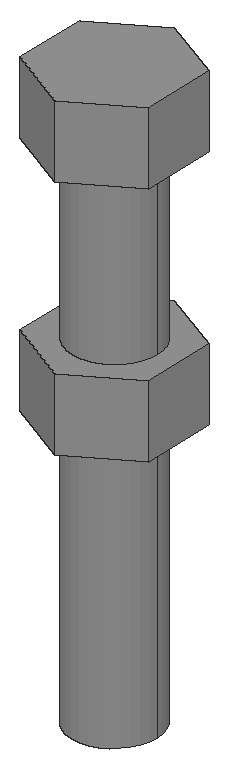
Revit family "Lag Bolt", category Generic Models, Revit 2017
Family settings
  Can host rebar = No
  Round Connector Dimension = Use Diameter
  Part Type = Normal
  Work Plane-Based = Yes
  Always vertical = No
  Cut with Voids When Loaded = No
  Shared = No
  Room Calculation Point = No
Parameters (values of type "1/2" x 3"")
  Thickness_of_Substrate [instance] = 0' - 1"
  Side = Head Size * 0.57812  # 0' - 0 111/256"
  Radius = Diameter / 2  # 0' - 0 1/4"
  Nut_Visibility [instance] = yes
  Length = 0' - 3"
  Head Size = 0' - 0 3/4"
  Head Radius = Head Size / 2  # 0' - 0 3/8"
  Head Height = 0' - 0 27/64"
  Diameter = 0' - 0 1/2"
  Default Elevation = 4' - 0"
  Bolt Material (Size) [instance] = STRUCTURAL BOLTS (PAINT TO MATCH STEEL FINISH)
Types (8): name | Side | Radius | Length | Head Size | Head Radius | Head Height | Diameter
  1/2" x 3" | 0' - 0 111/256" | 0' - 0 1/4" | 0' - 3" | 0' - 0 3/4" | 0' - 0 3/8" | 0' - 0 27/64" | 0' - 0 1/2"
  1/4" x 3" | 0' - 0.25293" | 0' - 0 1/8" | 0' - 3" | 0' - 0 7/16" | 0' - 0 7/32" | 0' - 0 11/64" | 0' - 0 1/4"
  5/16" x 3" | 0' - 0 37/128" | 0' - 0 5/32" | 0' - 3" | 0' - 0 1/2" | 0' - 0 1/4" | 0' - 0 7/32" | 0' - 0 5/16"
  3/8" x 3" | 0' - 0.3252" | 0' - 0 3/16" | 0' - 3" | 0' - 0 9/16" | 0' - 0 9/32" | 0' - 0 1/4" | 0' - 0 3/8"
  7/16" x 3" | 0' - 0.36133" | 0' - 0 7/32" | 0' - 3" | 0' - 0 5/8" | 0' - 0 5/16" | 0' - 0 19/64" | 0' - 0 7/16"
  5/8" x 3" | 0' - 0.54199" | 0' - 0 5/16" | 0' - 3" | 0' - 0 15/16" | 0' - 0 15/32" | 0' - 0 27/64" | 0' - 0 5/8"
  1/2" x 2 1/2" | 0' - 0 111/256" | 0' - 0 1/4" | 0' - 2 1/2" | 0' - 0 3/4" | 0' - 0 3/8" | 0' - 0 11/32" | 0' - 0 1/2"
  3/4" x 2" | 0' - 0.65039" | 0' - 0 3/8" | 0' - 2" | 0' - 1 1/8" | 0' - 0 9/16" | 0' - 0 1/2" | 0' - 0 3/4"
Reference planes (in)
  plane 1 "Center (Front/Back)": y = 0
  plane 2: z = 0
  plane 3 "Center (Left/Right)": x = 0
  plane 4: z = 0.42187
  plane 5: z = -3
  plane 6: y = 0
  plane 7: x = 0
  plane 8: z = -1
Forms (in)
  Extrusion 1, solid, material "STRUCTURAL BOLTS (PAINT TO MATCH STEEL FINISH)" <- "Bolt Material (Size)"
    sketch origin (0, 0, 0) x (1, 0, 0) y (0, 1, 0)
      loop
        circle (0, 0) r 0.25
    from -3 to 0
Lines and regions (in)
  model lines, style "InvisibleLines"
    curve 1: line (0, -0.64952, 0.42188) -> (0, 0.64952, 0.42188)
    curve 2: line (0.375, 0, 0.42188) -> (-0.375, 0, 0.42188)
  symbolic lines, style "InvisibleLines"
    curve 3: line (0, 0, 0.42187) -> (0, 0, -3)
    curve 4: line (0, 0, 0.42187) -> (0, 0, -3)
Dimensions and locks (in)
  "Head Height": plane 4 to level
  "Length": level to plane 5
  "Thickness_of_Substrate": level to plane 8
  "Radius": radius of Extrusion 1 sketch curve
  aligned and locked: level to plane 2
  aligned and locked: Extrusion 1 to plane 5
  aligned and locked: plane 7 to curve 1
  aligned and locked: plane 6 to curve 2
  aligned and locked: plane 6 to curve 4
Automatic sketch dimensions
  curve 3 to plane 3 "Center (Left/Right)" = 0' - 0"
  curve 3 to plane 5 = 0' - 0"
  curve 3 to plane 4 = 0' - 0"
  curve 4 to plane 5 = 0' - 0"
  curve 4 to plane 4 = 0' - 0"
  curve 1 to curve 2 = 0' - 0.64952"
  curve 2 to curve 1 = 0' - 0.64952"
  curve 2 to nested 1 = 0' - 0"  (x2)
  plane 1 "Center (Front/Back)" to Extrusion 1 sketch curve = 0' - 0"
  Extrusion 1 sketch curve to plane 3 "Center (Left/Right)" = 0' - 0"
Nested families (in)
  nested 1: "Nut" at (0, 0, 0), Diameter <- "Diameter", Head Height <- "Head Height", Head Size <- "Head Size", type "one"
    with Side 0' - 0 111/256", Radius 0' - 0 1/4", Head Size 0' - 0 3/4", Head Radius 0' - 0 3/8", Head Height 0' - 0 27/64", Diameter 0' - 0 1/2", Bolt Material (Size) STRUCTURAL BOLTS (PAINT TO MATCH STEEL FINISH)
  nested 2: "Nut" at (0, 0, -1) x (1, 0, 0) z (0, 0, -1), Diameter <- "Diameter", Head Height <- "Head Height", Head Size <- "Head Size", visible <- "Nut_Visibility", type "one"
    with Side 0' - 0 111/256", Radius 0' - 0 1/4", Head Size 0' - 0 3/4", Head Radius 0' - 0 3/8", Head Height 0' - 0 27/64", Diameter 0' - 0 1/2", Bolt Material (Size) STRUCTURAL BOLTS (PAINT TO MATCH STEEL FINISH)
Definition of nested family "Nut"
  Parameters (values of type "one")
    Side [instance] = Head Size * 0.57812  # 0' - 0 111/256"
    Radius [instance] = Diameter / 2  # 0' - 0 1/4"
    Head Size [instance] = 0' - 0 3/4"
    Head Radius [instance] = Head Size / 2  # 0' - 0 3/8"
    Head Height [instance] = 0' - 0 11/32"
    Diameter [instance] = 0' - 0 1/2"
    Default Elevation = 4' - 0"
    Bolt Material (Size) [instance] = none
  Reference planes (in)
    plane 1 "Center (Front/Back)": y = 0
    plane 2: z = 0
    plane 3 "Center (Left/Right)": x = 0
    plane 4: z = 0.34375
    plane 5: y = 0
    plane 6: x = 0
  Forms (in)
    Extrusion 1, solid, material <- "Bolt Material (Size)"
      sketch origin (0, 0, 0) x (1, 0, 0) y (0, 1, 0)
        loop
          line (0, 0.43301) -> (-0.375, 0.21651) -> (-0.375, -0.21651) -> (0, -0.43301) -> (0.375, -0.21651) -> (0.375, 0.21651) -> (0, 0.43301)
      from 0 to 0.34375
  Lines and regions (in)
    symbolic lines
      curve 1: line (0, 0, 0.34375) -> (0, 0, -3)
  Dimensions and locks (in)
    "Head Height": plane 4 to level
    "Head Radius": Extrusion 1 sketch curve to plane 3 "Center (Left/Right)"
    "Head Radius": Extrusion 1 sketch curve to plane 6
    "Head Radius": Extrusion 1 sketch curve to plane 5  (x2)
    locked: Extrusion 1 sketch curve to Extrusion 1 sketch curve (angle 120.00°)  (x5)
    aligned and locked: level to plane 2
    aligned and locked: Extrusion 1 to plane 4
    aligned and locked: plane 5 to curve 1
  Automatic sketch dimensions
    curve 1 to plane 4 = 0' - 0"
    curve 1 to level = 0' - 3"
    Extrusion 1 sketch curve to plane 3 "Center (Left/Right)" = 0' - 0"  (x2)
